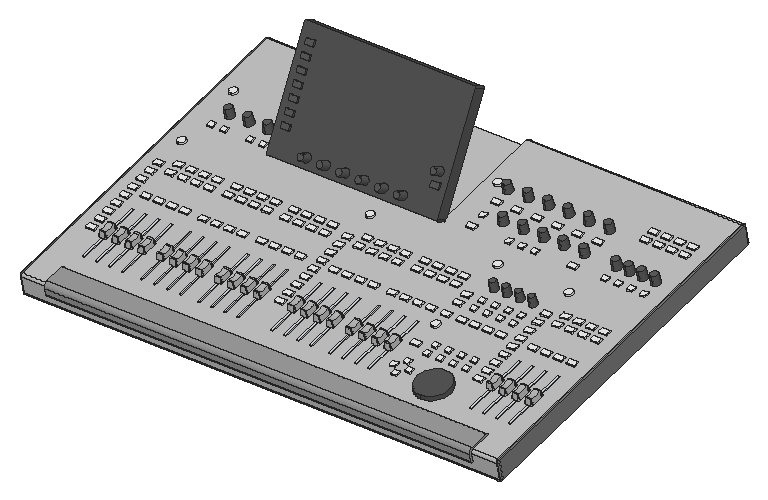
Revit family "Wing", category Communication Devices, Revit 2020 (continued)
Automatic sketch dimensions
  curve 492 to curve 492 = 8.081 mm
  curve 278 to curve 276 = 8.081 mm
  curve 541 to curve 544 = 8.107 mm
  curve 421 to curve 424 = 8.107 mm
  curve 543 to plane 3 "Center (Left/Right)" = 1.976 mm
  curve 542 to curve 543 = 8.081 mm
  curve 397 to curve 400 = 8.107 mm
  curve 327 to curve 346 = 0 mm
  curve 422 to curve 423 = 8.081 mm
  curve 277 to curve 280 = 8.107 mm
  curve 348 to curve 348 = 8.081 mm
  curve 661 to curve 664 = 8.107 mm
  curve 637 to curve 634 = 8.107 mm
  curve 253 to curve 256 = 8.107 mm
  curve 613 to curve 616 = 8.107 mm
  curve 567 to curve 586 = 0 mm
  curve 254 to curve 255 = 8.081 mm
  curve 638 to curve 639 = 8.081 mm
  curve 398 to curve 399 = 8.081 mm
  curve 686 to curve 684 = 8.081 mm
  curve 614 to curve 615 = 8.081 mm
  curve 588 to curve 588 = 8.081 mm
  curve 685 to curve 682 = 8.107 mm
  curve 517 to curve 520 = 8.107 mm
  curve 518 to curve 519 = 8.081 mm
  curve 351 to curve 370 = 0 mm
  curve 372 to curve 400 = 0 mm
  curve 469 to curve 472 = 8.107 mm
  curve 226 to curve 226 = 8.107 mm
  curve 660 to curve 688 = 0 mm
  curve 228 to curve 250 = 0 mm
  curve 301 to curve 304 = 8.107 mm
  curve 302 to curve 303 = 8.081 mm
  curve 470 to curve 471 = 8.081 mm
  curve 1253 to curve 1250 = 8.107 mm
  curve 1237 to curve 1240 = 8.107 mm
  curve 1254 to curve 1255 = 8.081 mm
  curve 1238 to curve 1239 = 8.081 mm
  curve 1221 to curve 1224 = 8.107 mm
  curve 1222 to curve 1223 = 8.081 mm
  curve 1205 to curve 1208 = 8.107 mm
  curve 1206 to curve 1207 = 8.081 mm
  curve 85 to curve 82 = 2.174 mm
  curve 153 to curve 154 = 2.174 mm
  curve 13 to curve 13 = 2.174 mm
  curve 158 to curve 158 = 2.2 mm
  curve 86 to curve 84 = 2.2 mm
  curve 14 to curve 12 = 2.2 mm
  curve 399 to curve 395 = 2.2 mm
  curve 376 to curve 371 = 2.2 mm
  curve 447 to curve 443 = 2.2 mm
  curve 640 to curve 635 = 2.2 mm
  curve 472 to curve 467 = 2.2 mm
  curve 615 to curve 611 = 2.2 mm
  curve 664 to curve 659 = 2.2 mm
  curve 255 to curve 251 = 2.2 mm
  curve 592 to curve 587 = 2.2 mm
  curve 280 to curve 275 = 2.2 mm
  curve 520 to curve 515 = 2.2 mm
  curve 567 to curve 563 = 2.2 mm
  curve 423 to curve 419 = 2.2 mm
  curve 303 to curve 299 = 2.2 mm
  curve 352 to curve 347 = 2.2 mm
  curve 495 to curve 491 = 2.2 mm
  curve 687 to curve 683 = 2.2 mm
  curve 231 to curve 227 = 2.2 mm
  curve 327 to curve 323 = 2.2 mm
  curve 1224 to curve 1219 = 2.2 mm
  curve 1208 to curve 1203 = 2.2 mm
  curve 1255 to curve 1251 = 2.2 mm
  curve 1239 to curve 1235 = 2.2 mm
  curve 592 to curve 577 = 7.09 mm
  curve 255 to curve 241 = 7.09 mm
  curve 687 to curve 673 = 7.09 mm
  curve 351 to curve 337 = 7.09 mm
  curve 447 to curve 433 = 7.09 mm
  curve 529 to plane 3 "Center (Left/Right)" = 1.976 mm
  curve 543 to curve 529 = 7.09 mm
  curve 520 to curve 505 = 7.09 mm
  curve 639 to curve 625 = 7.09 mm
  curve 280 to curve 265 = 7.09 mm
  curve 664 to curve 649 = 7.09 mm
  curve 304 to curve 289 = 7.09 mm
  curve 616 to curve 601 = 7.09 mm
  curve 327 to curve 313 = 7.09 mm
  curve 376 to curve 361 = 7.09 mm
  curve 472 to curve 457 = 7.09 mm
  curve 567 to curve 553 = 7.09 mm
  curve 399 to curve 385 = 7.09 mm
  curve 231 to curve 217 = 7.09 mm
  curve 423 to curve 409 = 7.09 mm
  curve 495 to curve 481 = 7.09 mm
  curve 1207 to curve 1193 = 7.09 mm
  curve 1240 to curve 1225 = 7.09 mm
  curve 1255 to curve 1241 = 7.09 mm
  curve 1219 to curve 1209 = 7.09 mm
  curve 13 to curve 16 = 8.107 mm
  curve 86 to curve 87 = 8.081 mm
  curve 85 to curve 88 = 8.107 mm
  curve 14 to curve 15 = 8.081 mm
  curve 154 to curve 154 = 8.107 mm
  curve 158 to curve 159 = 8.081 mm
  curve 481 to curve 485 = 2.174 mm
  curve 385 to curve 389 = 2.174 mm
  curve 457 to curve 461 = 2.174 mm
  curve 605 to curve 605 = 2.174 mm
  curve 409 to curve 410 = 2.174 mm
  curve 313 to curve 314 = 2.174 mm
  curve 269 to curve 266 = 2.174 mm
  curve 221 to curve 218 = 2.174 mm
  curve 293 to curve 293 = 2.174 mm
  curve 625 to curve 626 = 2.174 mm
  curve 553 to curve 554 = 2.174 mm
  curve 577 to curve 581 = 2.174 mm
  curve 337 to curve 338 = 2.174 mm
  curve 245 to curve 245 = 2.174 mm
  curve 361 to curve 365 = 2.174 mm
  curve 673 to curve 677 = 2.174 mm
  curve 433 to curve 437 = 2.174 mm
  curve 649 to curve 653 = 2.174 mm
  curve 529 to curve 530 = 2.174 mm
  curve 505 to curve 506 = 2.174 mm
  curve 673 to curve 678 = 2.2 mm
  curve 505 to curve 510 = 2.2 mm
  curve 649 to curve 652 = 2.2 mm
  curve 342 to curve 342 = 2.2 mm
  curve 433 to curve 436 = 2.2 mm
  curve 246 to curve 244 = 2.2 mm
  curve 366 to curve 364 = 2.2 mm
  curve 553 to curve 558 = 2.2 mm
  curve 222 to curve 222 = 2.2 mm
  curve 625 to curve 630 = 2.2 mm
  curve 577 to curve 580 = 2.2 mm
  curve 409 to curve 414 = 2.2 mm
  curve 313 to curve 318 = 2.2 mm
  curve 270 to curve 268 = 2.2 mm
  curve 457 to curve 460 = 2.2 mm
  curve 385 to curve 388 = 2.2 mm
  curve 481 to curve 486 = 2.2 mm
  curve 601 to curve 606 = 2.2 mm
  curve 289 to curve 294 = 2.2 mm
  curve 529 to curve 534 = 2.2 mm
  curve 1241 to curve 1245 = 2.174 mm
  curve 1209 to curve 1213 = 2.174 mm
  curve 1193 to curve 1197 = 2.174 mm
  curve 1225 to curve 1226 = 2.174 mm
  curve 1225 to curve 1230 = 2.2 mm
  curve 1241 to curve 1246 = 2.2 mm
  curve 1209 to curve 1212 = 2.2 mm
  curve 1193 to curve 1198 = 2.2 mm
  curve 16 to curve 11 = 2.2 mm
  curve 159 to curve 155 = 2.2 mm
  curve 88 to curve 83 = 2.2 mm
  curve 154 to curve 1009 = 8.949 mm
  curve 678 to curve 985 = 7.683 mm
  curve 1001 to curve 1009 = 0 mm
  curve 985 to curve 993 = 0 mm
  curve 88 to curve 137 = 7.09 mm
  curve 15 to curve 65 = 7.09 mm
  curve 678 to curve 801 = 8.024 mm
  curve 159 to curve 209 = 7.09 mm
  curve 557 to curve 560 = 8.107 mm
  curve 677 to curve 680 = 8.107 mm
  curve 558 to curve 559 = 8.081 mm
  curve 221 to curve 224 = 8.107 mm
  curve 678 to curve 679 = 8.081 mm
  curve 341 to curve 344 = 8.107 mm
  curve 222 to curve 223 = 8.081 mm
  curve 342 to curve 343 = 8.081 mm
  curve 509 to curve 512 = 8.107 mm
  curve 650 to curve 650 = 8.107 mm
  curve 652 to curve 680 = 0 mm
  curve 434 to curve 434 = 8.107 mm
  curve 343 to curve 362 = 0 mm
  curve 436 to curve 436 = 8.081 mm
  curve 366 to curve 364 = 8.081 mm
  curve 510 to curve 511 = 8.081 mm
  curve 223 to curve 242 = 0 mm
  curve 629 to curve 632 = 8.107 mm
  curve 246 to curve 244 = 8.081 mm
  curve 559 to curve 578 = 0 mm
  curve 630 to curve 631 = 8.081 mm
  curve 580 to curve 580 = 8.081 mm
  curve 247 to curve 266 = 0 mm
  curve 270 to curve 268 = 8.081 mm
  curve 317 to curve 320 = 8.107 mm
  curve 485 to curve 488 = 8.107 mm
  curve 413 to curve 416 = 8.107 mm
  curve 318 to curve 319 = 8.081 mm
  curve 414 to curve 415 = 8.081 mm
  curve 486 to curve 487 = 8.081 mm
  curve 533 to curve 536 = 8.107 mm
  curve 535 to plane 3 "Center (Left/Right)" = 1.976 mm
  curve 534 to curve 535 = 8.081 mm
  curve 439 to curve 458 = 0 mm
  curve 460 to curve 488 = 0 mm
  curve 367 to curve 386 = 0 mm
  curve 388 to curve 388 = 8.081 mm
  curve 271 to curve 290 = 0 mm
  curve 602 to curve 602 = 8.107 mm
  curve 292 to curve 292 = 8.081 mm
  curve 604 to curve 632 = 0 mm
  curve 1229 to curve 1232 = 8.107 mm
  curve 1213 to curve 1210 = 8.107 mm
  curve 1197 to curve 1194 = 8.107 mm
  curve 1212 to curve 1232 = 0 mm
  curve 1228 to curve 1228 = 8.081 mm
  curve 1228 to curve 1242 = 0 mm
  curve 1246 to curve 1247 = 8.081 mm
  curve 1198 to curve 1199 = 8.081 mm
  curve 1001 to curve 1005 = 2.174 mm
  curve 1009 to curve 1013 = 2.174 mm
  curve 997 to curve 997 = 2.174 mm
  curve 989 to curve 989 = 2.174 mm
  curve 1009 to curve 1014 = 2.2 mm
  curve 1001 to curve 1006 = 2.2 mm
  curve 998 to curve 998 = 2.2 mm
  curve 985 to curve 988 = 2.2 mm
  curve 137 to curve 138 = 2.174 mm
  curve 805 to curve 805 = 2.174 mm
  curve 209 to curve 210 = 2.174 mm
  curve 65 to curve 69 = 2.174 mm
  curve 801 to curve 806 = 2.2 mm
  curve 209 to curve 212 = 2.2 mm
  curve 65 to curve 70 = 2.2 mm
  curve 137 to curve 142 = 2.2 mm
  curve 583 to curve 579 = 2.2 mm
  curve 319 to curve 315 = 2.2 mm
  curve 487 to curve 483 = 2.2 mm
  curve 463 to curve 459 = 2.2 mm
  curve 295 to curve 291 = 2.2 mm
  curve 344 to curve 339 = 2.2 mm
  curve 271 to curve 267 = 2.2 mm
  curve 560 to curve 555 = 2.2 mm
  curve 439 to curve 435 = 2.2 mm
  curve 224 to curve 219 = 2.2 mm
  curve 655 to curve 651 = 2.2 mm
  curve 607 to curve 603 = 2.2 mm
  curve 367 to curve 363 = 2.2 mm
  curve 632 to curve 627 = 2.2 mm
  curve 416 to curve 411 = 2.2 mm
  curve 248 to curve 243 = 2.2 mm
  curve 512 to curve 507 = 2.2 mm
  curve 391 to curve 387 = 2.2 mm
  curve 680 to curve 675 = 2.2 mm
  curve 1232 to curve 1227 = 2.2 mm
  curve 1248 to curve 1243 = 2.2 mm
  curve 1199 to curve 1195 = 2.2 mm
  curve 1216 to curve 1211 = 2.2 mm
  curve 989 to curve 992 = 8.107 mm
  curve 1014 to curve 1012 = 8.081 mm
  curve 997 to curve 1000 = 8.107 mm
  curve 992 to curve 991 = 0 mm
  curve 1000 to curve 999 = 0 mm
  curve 1006 to curve 1007 = 8.081 mm
  curve 1005 to curve 1002 = 8.107 mm
  curve 1016 to curve 1015 = 0 mm
  curve 70 to curve 68 = 8.081 mm
  curve 138 to curve 138 = 8.107 mm
  curve 66 to curve 66 = 8.107 mm
  curve 213 to curve 210 = 8.107 mm
  curve 142 to curve 140 = 8.081 mm
  curve 806 to curve 804 = 8.081 mm
  curve 214 to curve 215 = 8.081 mm
  curve 805 to curve 808 = 8.107 mm
  curve 1007 to curve 1003 = 2.2 mm
  curve 992 to curve 987 = 2.2 mm
  curve 1016 to curve 1011 = 2.2 mm
  curve 999 to curve 995 = 2.2 mm
  curve 215 to curve 211 = 2.2 mm
  curve 71 to curve 67 = 2.2 mm
  curve 143 to curve 139 = 2.2 mm
  curve 807 to curve 803 = 2.2 mm
  curve 1007 to curve 1033 = 7.09 mm
  curve 992 to curve 1017 = 7.09 mm
  curve 1015 to curve 1041 = 7.09 mm
  curve 1000 to curve 1025 = 7.09 mm
  curve 807 to curve 793 = 7.09 mm
  curve 72 to curve 57 = 7.09 mm
  curve 143 to curve 129 = 7.09 mm
  curve 215 to curve 201 = 7.09 mm
  curve 1041 to curve 1045 = 2.174 mm
  curve 1017 to curve 1018 = 2.174 mm
  curve 1025 to curve 1026 = 2.174 mm
  curve 1037 to curve 1037 = 2.174 mm
  curve 1017 to curve 1022 = 2.2 mm
  curve 1025 to curve 1028 = 2.2 mm
  curve 1038 to curve 1036 = 2.2 mm
  curve 1041 to curve 1044 = 2.2 mm
  curve 61 to curve 58 = 2.174 mm
  curve 793 to curve 794 = 2.174 mm
  curve 129 to curve 133 = 2.174 mm
  curve 201 to curve 202 = 2.174 mm
  curve 793 to curve 798 = 2.2 mm
  curve 206 to curve 204 = 2.2 mm
  curve 134 to curve 132 = 2.2 mm
  curve 62 to curve 62 = 2.2 mm
  curve 1042 to curve 1042 = 8.107 mm
  curve 1022 to curve 1020 = 8.081 mm
  curve 1030 to curve 1031 = 8.081 mm
  curve 1037 to curve 1040 = 8.107 mm
  curve 1032 to curve 1031 = 0 mm
  curve 1038 to curve 1036 = 8.081 mm
  curve 1021 to curve 1018 = 8.107 mm
  curve 1048 to curve 1047 = 0 mm
  curve 798 to curve 799 = 8.081 mm
  curve 134 to curve 135 = 8.081 mm
  curve 61 to curve 64 = 8.107 mm
  curve 205 to curve 208 = 8.107 mm
  curve 794 to curve 794 = 8.107 mm
  curve 62 to curve 60 = 8.081 mm
  curve 206 to curve 204 = 8.081 mm
  curve 130 to curve 130 = 8.107 mm
  curve 1047 to curve 1043 = 2.2 mm
  curve 1031 to curve 1027 = 2.2 mm
  curve 1024 to curve 1019 = 2.2 mm
  curve 1040 to curve 1035 = 2.2 mm
  curve 135 to curve 131 = 2.2 mm
  curve 64 to curve 59 = 2.2 mm
  curve 799 to curve 795 = 2.2 mm
  curve 207 to curve 203 = 2.2 mm
  curve 63 to curve 49 = 7.09 mm
  curve 203 to curve 193 = 7.09 mm
  curve 135 to curve 121 = 7.09 mm
  curve 193 to curve 194 = 2.174 mm
  curve 125 to curve 122 = 2.174 mm
  curve 49 to curve 50 = 2.174 mm
  curve 49 to curve 54 = 2.2 mm
  curve 193 to curve 196 = 2.2 mm
  curve 126 to curve 126 = 2.2 mm
  curve 367 to curve 377 = 44.514 mm
  curve 125 to curve 497 = 5.455 mm
  curve 1248 to curve 785 = 44.145 mm
  curve 54 to curve 257 = 5.429 mm
  curve 377 to curve 401 = 0 mm
  curve 632 to curve 641 = 44.514 mm
  curve 233 to curve 257 = 0 mm
  curve 329 to curve 377 = 0 mm
  curve 800 to curve 689 = 14.719 mm
  curve 126 to curve 521 = 5.429 mm
  curve 473 to curve 497 = 0 mm
  curve 198 to curve 713 = 5.429 mm
  curve 761 to curve 785 = 0 mm
  curve 737 to curve 761 = 0 mm
  curve 257 to curve 281 = 0 mm
  curve 425 to curve 473 = 0 mm
  curve 425 to curve 449 = 0 mm
  curve 646 to curve 665 = 0 mm
  curve 1024 to curve 809 = 15.06 mm
  curve 617 to curve 641 = 0 mm
  curve 526 to curve 545 = 0 mm
  curve 550 to curve 569 = 0 mm
  curve 353 to curve 377 = 0 mm
  curve 809 to curve 817 = 0 mm
  curve 305 to curve 329 = 0 mm
  curve 574 to curve 593 = 0 mm
  curve 799 to curve 841 = 14.719 mm
  curve 817 to curve 825 = 0 mm
  curve 1047 to curve 833 = 15.06 mm
  curve 285 to curve 285 = 2.174 mm
  curve 765 to curve 765 = 2.174 mm
  curve 309 to curve 306 = 2.174 mm
  curve 829 to curve 829 = 2.174 mm
  curve 669 to curve 669 = 2.174 mm
  curve 837 to curve 834 = 2.174 mm
  curve 477 to curve 477 = 2.174 mm
  curve 645 to curve 645 = 2.174 mm
  curve 261 to curve 261 = 2.174 mm
  curve 333 to curve 330 = 2.174 mm
  curve 693 to curve 690 = 2.174 mm
  curve 501 to curve 498 = 2.174 mm
  curve 845 to curve 842 = 2.174 mm
  curve 821 to curve 821 = 2.174 mm
  curve 233 to curve 237 = 2.174 mm
  curve 453 to curve 453 = 2.174 mm
  curve 621 to curve 621 = 2.174 mm
  curve 357 to curve 354 = 2.174 mm
  curve 813 to curve 813 = 2.174 mm
  curve 597 to curve 597 = 2.174 mm
  curve 521 to curve 522 = 2.174 mm
  curve 429 to curve 426 = 2.174 mm
  curve 713 to curve 714 = 2.174 mm
  curve 741 to curve 741 = 2.174 mm
  curve 381 to curve 378 = 2.174 mm
  curve 573 to curve 573 = 2.174 mm
  curve 789 to curve 786 = 2.174 mm
  curve 545 to curve 546 = 2.174 mm
  curve 405 to curve 405 = 2.174 mm
  curve 550 to curve 550 = 2.2 mm
  curve 790 to curve 790 = 2.2 mm
  curve 406 to curve 404 = 2.2 mm
  curve 521 to curve 526 = 2.2 mm
  curve 382 to curve 382 = 2.2 mm
  curve 574 to curve 572 = 2.2 mm
  curve 742 to curve 740 = 2.2 mm
  curve 430 to curve 430 = 2.2 mm
  curve 718 to curve 718 = 2.2 mm
  curve 598 to curve 596 = 2.2 mm
  curve 358 to curve 358 = 2.2 mm
  curve 502 to curve 502 = 2.2 mm
  curve 814 to curve 812 = 2.2 mm
  curve 454 to curve 452 = 2.2 mm
  curve 622 to curve 620 = 2.2 mm
  curve 233 to curve 236 = 2.2 mm
  curve 694 to curve 694 = 2.2 mm
  curve 846 to curve 846 = 2.2 mm
  curve 822 to curve 820 = 2.2 mm
  curve 334 to curve 334 = 2.2 mm
  curve 262 to curve 260 = 2.2 mm
  curve 646 to curve 644 = 2.2 mm
  curve 478 to curve 476 = 2.2 mm
  curve 838 to curve 838 = 2.2 mm
  curve 310 to curve 310 = 2.2 mm
  curve 766 to curve 764 = 2.2 mm
  curve 830 to curve 828 = 2.2 mm
  curve 670 to curve 668 = 2.2 mm
  curve 286 to curve 284 = 2.2 mm
  curve 53 to curve 56 = 8.107 mm
  curve 197 to curve 200 = 8.107 mm
  curve 54 to curve 55 = 8.081 mm
  curve 198 to curve 199 = 8.081 mm
  curve 125 to curve 128 = 8.107 mm
  curve 126 to curve 127 = 8.081 mm
  curve 127 to curve 123 = 2.2 mm
  curve 199 to curve 195 = 2.2 mm
  curve 55 to curve 51 = 2.2 mm
  curve 789 to curve 792 = 3.107 mm
  curve 790 to curve 791 = 3.081 mm
  curve 792 to curve 787 = 2.2 mm
  curve 454 to curve 455 = 8.081 mm
  curve 502 to curve 500 = 8.081 mm
  curve 334 to curve 335 = 8.081 mm
  curve 333 to curve 336 = 8.107 mm
  curve 238 to curve 236 = 8.081 mm
  curve 477 to curve 480 = 8.107 mm
  curve 332 to curve 354 = 0 mm
  curve 358 to curve 356 = 8.081 mm
  curve 234 to curve 234 = 8.107 mm
  curve 450 to curve 450 = 8.107 mm
  curve 501 to curve 504 = 8.107 mm
  curve 522 to curve 522 = 8.107 mm
  curve 526 to curve 524 = 8.081 mm
  curve 429 to curve 432 = 8.107 mm
  curve 741 to curve 744 = 8.107 mm
  curve 742 to curve 743 = 8.081 mm
  curve 430 to curve 431 = 8.081 mm
  curve 356 to curve 378 = 0 mm
  curve 382 to curve 380 = 8.081 mm
  curve 524 to curve 546 = 0 mm
  curve 262 to curve 260 = 8.081 mm
  curve 478 to curve 479 = 8.081 mm
  plane 3 "Center (Left/Right)" to curve 548 = 0.224 mm
  curve 550 to curve 548 = 8.081 mm
  curve 383 to curve 402 = 0 mm
  curve 309 to curve 312 = 8.107 mm
  curve 286 to curve 287 = 8.081 mm
  curve 310 to curve 311 = 8.081 mm
  curve 551 to curve 570 = 0 mm
  curve 406 to curve 404 = 8.081 mm
  curve 572 to curve 572 = 8.081 mm
  curve 261 to curve 264 = 8.107 mm
  curve 717 to curve 720 = 8.107 mm
  curve 718 to curve 719 = 8.081 mm
  curve 743 to curve 762 = 0 mm
  curve 263 to curve 282 = 0 mm
  curve 575 to curve 594 = 0 mm
  curve 813 to curve 810 = 8.107 mm
  curve 598 to curve 596 = 8.081 mm
  curve 814 to curve 812 = 8.081 mm
  curve 621 to curve 618 = 8.107 mm
  curve 622 to curve 620 = 8.081 mm
  curve 845 to curve 848 = 8.107 mm
  curve 815 to curve 818 = 0 mm
  curve 693 to curve 696 = 8.107 mm
  curve 694 to curve 695 = 8.081 mm
  curve 846 to curve 847 = 8.081 mm
  curve 822 to curve 820 = 8.081 mm
  curve 837 to curve 840 = 8.107 mm
  curve 623 to curve 642 = 0 mm
  curve 838 to curve 839 = 8.081 mm
  curve 646 to curve 644 = 8.081 mm
  curve 786 to curve 764 = 5 mm
  curve 647 to curve 666 = 0 mm
  curve 828 to curve 840 = 0 mm
  curve 668 to curve 696 = 0 mm
  curve 829 to curve 832 = 8.107 mm
  curve 199 to curve 185 = 7.09 mm
  curve 123 to curve 113 = 7.09 mm
  curve 56 to curve 41 = 7.09 mm
  curve 479 to curve 475 = 2.2 mm
  curve 456 to curve 451 = 2.2 mm
  curve 768 to curve 763 = 2.2 mm
  curve 432 to curve 427 = 2.2 mm
  curve 815 to curve 811 = 2.2 mm
  curve 671 to curve 667 = 2.2 mm
  curve 648 to curve 643 = 2.2 mm
  curve 695 to curve 691 = 2.2 mm
  curve 624 to curve 619 = 2.2 mm
  curve 600 to curve 595 = 2.2 mm
  curve 719 to curve 715 = 2.2 mm
  curve 503 to curve 499 = 2.2 mm
  curve 823 to curve 819 = 2.2 mm
  curve 576 to curve 571 = 2.2 mm
  curve 831 to curve 827 = 2.2 mm
  curve 848 to curve 843 = 2.2 mm
  curve 839 to curve 835 = 2.2 mm
  curve 239 to curve 235 = 2.2 mm
  curve 263 to curve 259 = 2.2 mm
  curve 287 to curve 283 = 2.2 mm
  curve 311 to curve 307 = 2.2 mm
  curve 335 to curve 331 = 2.2 mm
  curve 359 to curve 355 = 2.2 mm
  curve 383 to curve 379 = 2.2 mm
  curve 407 to curve 403 = 2.2 mm
  curve 552 to curve 547 = 2.2 mm
  curve 743 to curve 739 = 2.2 mm
  curve 528 to curve 523 = 2.2 mm
  curve 41 to curve 45 = 2.174 mm
  curve 113 to curve 117 = 2.174 mm
  curve 185 to curve 189 = 2.174 mm
  curve 190 to curve 188 = 2.2 mm
  curve 41 to curve 46 = 2.2 mm
  curve 113 to curve 116 = 2.2 mm
  curve 42 to curve 42 = 8.107 mm
  curve 190 to curve 191 = 8.081 mm
  curve 118 to curve 116 = 8.081 mm
  curve 114 to curve 114 = 8.107 mm
  curve 186 to curve 186 = 8.107 mm
  curve 46 to curve 44 = 8.081 mm
  curve 48 to curve 43 = 2.2 mm
  curve 120 to curve 115 = 2.2 mm
  curve 191 to curve 187 = 2.2 mm
  curve 848 to curve 1182 = 19.027 mm
  curve 48 to curve 33 = 7.09 mm
  curve 187 to curve 177 = 7.09 mm
  curve 119 to curve 105 = 7.09 mm
  curve 177 to curve 181 = 2.174 mm
  curve 37 to curve 34 = 2.174 mm
  curve 105 to curve 109 = 2.174 mm
  curve 105 to curve 110 = 2.2 mm
  curve 177 to curve 180 = 2.2 mm
  curve 38 to curve 38 = 2.2 mm
  curve 38 to curve 39 = 8.081 mm
  curve 182 to curve 183 = 8.081 mm
  curve 106 to curve 106 = 8.107 mm
  curve 37 to curve 40 = 8.107 mm
  curve 110 to curve 108 = 8.081 mm
  curve 181 to curve 184 = 8.107 mm
  curve 112 to curve 107 = 2.2 mm
  curve 40 to curve 35 = 2.2 mm
  curve 183 to curve 179 = 2.2 mm
  curve 111 to curve 97 = 7.09 mm
  curve 183 to curve 169 = 7.09 mm
  curve 39 to curve 25 = 7.09 mm
  curve 173 to curve 173 = 2.174 mm
  curve 97 to curve 98 = 2.174 mm
  curve 25 to curve 29 = 2.174 mm
  curve 97 to curve 102 = 2.2 mm
  curve 25 to curve 28 = 2.2 mm
  curve 169 to curve 174 = 2.2 mm
  curve 29 to curve 32 = 8.107 mm
  curve 101 to curve 104 = 8.107 mm
  curve 102 to curve 103 = 8.081 mm
  curve 30 to curve 28 = 8.081 mm
  curve 173 to curve 176 = 8.107 mm
  curve 174 to curve 172 = 8.081 mm
  curve 176 to curve 1065 = 0.47 mm
  curve 1065 to curve 1073 = 0 mm
  curve 1182 to curve 1049 = 30.326 mm
  curve 1057 to curve 1065 = 0 mm
  curve 104 to curve 99 = 2.2 mm
  curve 175 to curve 171 = 2.2 mm
  curve 31 to curve 27 = 2.2 mm
  curve 1049 to curve 1050 = 2.174 mm
  curve 1069 to curve 1066 = 2.174 mm
  curve 1061 to curve 1061 = 2.174 mm
  curve 1077 to curve 1074 = 2.174 mm
  curve 1049 to curve 1052 = 2.2 mm
  curve 1070 to curve 1070 = 2.2 mm
  curve 1062 to curve 1060 = 2.2 mm
  curve 1078 to curve 1078 = 2.2 mm
  curve 176 to curve 161 = 7.09 mm
  curve 104 to curve 89 = 7.09 mm
  curve 27 to curve 17 = 7.09 mm
  curve 1050 to curve 849 = 7.659 mm
  curve 1054 to curve 1055 = 8.081 mm
  curve 1058 to curve 1058 = 8.107 mm
  curve 1060 to curve 1060 = 8.081 mm
  curve 1070 to curve 1071 = 8.081 mm
  curve 1072 to curve 1071 = 0 mm
  curve 1077 to curve 1074 = 8.107 mm
  curve 1050 to curve 1050 = 8.107 mm
  curve 1076 to curve 1076 = 8.081 mm
  curve 89 to curve 90 = 2.174 mm
  curve 17 to curve 21 = 2.174 mm
  curve 165 to curve 162 = 2.174 mm
  curve 22 to curve 20 = 2.2 mm
  curve 166 to curve 166 = 2.2 mm
  curve 89 to curve 92 = 2.2 mm
  curve 849 to curve 853 = 2.174 mm
  curve 849 to curve 852 = 2.2 mm
  curve 1063 to curve 1059 = 2.2 mm
  curve 1055 to curve 1051 = 2.2 mm
  curve 1079 to curve 1075 = 2.2 mm
  curve 1072 to curve 1067 = 2.2 mm
  curve 21 to curve 18 = 8.107 mm
  curve 166 to curve 164 = 8.081 mm
  curve 162 to curve 162 = 8.107 mm
  curve 94 to curve 95 = 8.081 mm
  curve 20 to curve 20 = 8.081 mm
  curve 93 to curve 90 = 8.107 mm
  curve 1080 to curve 1105 = 7.09 mm
  curve 1055 to curve 1081 = 7.09 mm
  curve 1064 to curve 1089 = 7.09 mm
  curve 1072 to curve 1097 = 7.09 mm
  curve 852 to curve 852 = 8.081 mm
  curve 853 to curve 856 = 8.107 mm
  curve 167 to curve 163 = 2.2 mm
  curve 23 to curve 19 = 2.2 mm
  curve 96 to curve 91 = 2.2 mm
  curve 1101 to curve 1101 = 2.174 mm
  curve 1105 to curve 1109 = 2.174 mm
  curve 1089 to curve 1090 = 2.174 mm
  curve 1081 to curve 1082 = 2.174 mm
  curve 1089 to curve 1092 = 2.2 mm
  curve 1086 to curve 1084 = 2.2 mm
  curve 1110 to curve 1108 = 2.2 mm
  curve 1102 to curve 1100 = 2.2 mm
  curve 856 to curve 851 = 2.2 mm
  curve 19 to curve 1 = 7.09 mm
  curve 167 to curve 145 = 7.09 mm
  curve 96 to curve 73 = 7.09 mm
  curve 1085 to curve 1082 = 8.107 mm
  curve 1093 to curve 1090 = 8.107 mm
  curve 1096 to curve 1095 = 0 mm
  curve 1108 to curve 1108 = 8.081 mm
  curve 1101 to curve 1098 = 8.107 mm
  curve 1084 to curve 1084 = 8.081 mm
  curve 1100 to curve 1100 = 8.081 mm
  curve 1106 to curve 1106 = 8.107 mm
  curve 1 to curve 5 = 2.174 mm
  curve 73 to curve 74 = 2.174 mm
  curve 145 to curve 149 = 2.174 mm
  curve 73 to curve 76 = 2.2 mm
  curve 1 to curve 4 = 2.2 mm
  curve 145 to curve 148 = 2.2 mm
  curve 1095 to curve 1091 = 2.2 mm
  curve 1104 to curve 1099 = 2.2 mm
  curve 1087 to curve 1083 = 2.2 mm
  curve 1111 to curve 1107 = 2.2 mm
  curve 4 to curve 4 = 8.081 mm
  curve 149 to curve 152 = 8.107 mm
  curve 150 to curve 151 = 8.081 mm
  curve 2 to curve 2 = 8.107 mm
  curve 76 to curve 76 = 8.081 mm
  curve 77 to curve 80 = 8.107 mm
  curve 151 to curve 147 = 2.2 mm
  curve 79 to curve 75 = 2.2 mm
  curve 7 to curve 3 = 2.2 mm
  curve 1088 to curve 1129 = 14.448 mm
  curve 1133 to curve 1130 = 2.174 mm
  curve 1134 to curve 1134 = 2.2 mm
  curve 1132 to curve 1132 = 8.081 mm
  curve 1133 to curve 1130 = 8.107 mm
  curve 1136 to curve 1131 = 2.2 mm
  curve 1135 to curve 1113 = 4.082 mm
  curve 1136 to curve 1121 = 4.082 mm
  curve 1117 to curve 1114 = 2.174 mm
  curve 1121 to curve 1125 = 2.174 mm
  curve 1118 to curve 1118 = 2.2 mm
  curve 1121 to curve 1124 = 2.2 mm
  curve 1117 to curve 1120 = 8.107 mm
  curve 1120 to curve 1119 = 0 mm
  curve 1122 to curve 1122 = 8.107 mm
  curve 1128 to curve 1127 = 0 mm
  curve 1128 to curve 1123 = 2.2 mm
  curve 1119 to curve 1115 = 2.2 mm
  curve 1127 to curve 1137 = 4.196 mm
  curve 1137 to curve 1141 = 2.174 mm
  curve 1137 to curve 1140 = 2.2 mm
  curve 1103 to curve 1184 = 47.016 mm
  curve 1142 to curve 1143 = 8.081 mm
  curve 1138 to curve 1138 = 8.107 mm
  curve 1144 to curve 1139 = 2.2 mm
  curve 83 to curve 1179 = 6.392 mm
  curve 128 to curve 88 = 0 mm
  curve 80 to plane 3 "Center (Left/Right)" = 66.583 mm
  curve 144 to curve 88 = 0 mm
  curve 121 to curve 131 = 0.026 mm
  curve 77 to curve 96 = 0.026 mm
  curve 89 to curve 99 = 0.026 mm
  curve 120 to curve 123 = 0 mm
  curve 101 to curve 107 = 0.026 mm
  curve 500 to curve 128 = 16.59 mm
  curve 492 to curve 82 = 16.59 mm
  curve 484 to curve 138 = 16.59 mm
  curve 491 to curve 491 = 12.863 mm
  curve 488 to curve 487 = 12.863 mm
  curve 499 to curve 499 = 12.863 mm
  curve 460 to curve 488 = 6.256 mm
  curve 468 to curve 496 = 6.256 mm
  curve 476 to curve 504 = 6.256 mm
  curve 467 to curve 467 = 12.863 mm
  curve 480 to curve 479 = 12.863 mm
  curve 459 to curve 459 = 12.863 mm
  curve 452 to curve 480 = 6.256 mm
  curve 436 to curve 464 = 6.256 mm
  curve 444 to curve 469 = 6.256 mm
  curve 451 to curve 451 = 12.863 mm
  curve 448 to curve 447 = 12.863 mm
  curve 435 to curve 435 = 12.863 mm
  curve 412 to curve 434 = 6.256 mm
  curve 420 to curve 442 = 6.256 mm
  curve 428 to curve 456 = 6.256 mm
  curve 432 to curve 431 = 12.863 mm
  curve 424 to curve 423 = 12.863 mm
  curve 411 to curve 415 = 12.863 mm
  curve 404 to curve 432 = 16.956 mm
  curve 396 to curve 424 = 16.956 mm
  curve 399 to curve 388 = 2.2 mm
  curve 392 to curve 391 = 12.863 mm
  curve 403 to curve 403 = 12.863 mm
  curve 389 to curve 395 = 0.026 mm
  curve 380 to curve 408 = 6.256 mm
  curve 372 to curve 394 = 6.256 mm
  curve 364 to curve 392 = 6.256 mm
  curve 384 to curve 383 = 12.863 mm
  curve 368 to curve 367 = 12.863 mm
  curve 365 to curve 376 = 0.026 mm
  curve 356 to curve 384 = 6.256 mm
  curve 348 to curve 376 = 6.256 mm
  curve 340 to curve 368 = 6.256 mm
  curve 355 to curve 355 = 12.863 mm
  curve 339 to curve 339 = 12.863 mm
  curve 341 to curve 352 = 0.026 mm
  curve 332 to curve 360 = 6.256 mm
  curve 316 to curve 344 = 6.256 mm
  curve 324 to curve 346 = 6.256 mm
  curve 328 to curve 327 = 12.863 mm
  curve 336 to curve 335 = 12.863 mm
  curve 315 to curve 315 = 12.863 mm
  curve 1164 to curve 321 = 10.611 mm
  curve 308 to curve 330 = 16.955 mm
  curve 300 to curve 328 = 16.955 mm
  curve 303 to curve 292 = 2.2 mm
  curve 1163 to curve 1163 = 7.413 mm
  curve 1172 to curve 1162 = 11.433 mm
  curve 312 to curve 311 = 12.863 mm
  curve 304 to curve 303 = 12.863 mm
  curve 296 to curve 295 = 12.863 mm
  curve 268 to curve 290 = 6.256 mm
  curve 276 to curve 298 = 6.256 mm
  curve 284 to curve 309 = 6.256 mm
  curve 1171 to curve 1175 = 7.413 mm
  curve 1188 to curve 1169 = 1.092 mm
  curve 267 to curve 267 = 12.863 mm
  curve 288 to curve 287 = 12.863 mm
  curve 265 to curve 280 = 0.026 mm
  curve 244 to curve 266 = 6.256 mm
  curve 260 to curve 282 = 6.256 mm
  curve 252 to curve 274 = 6.256 mm
  curve 1185 to curve 1185 = 34.847 mm
  curve 1148 to curve 1170 = 35.319 mm
  curve 251 to curve 251 = 12.863 mm
  curve 264 to curve 263 = 12.863 mm
  curve 243 to curve 243 = 12.863 mm
  curve 236 to curve 258 = 6.256 mm
  curve 220 to curve 242 = 6.256 mm
  curve 228 to curve 253 = 6.256 mm
  curve 1147 to curve 1147 = 7.413 mm
  curve 1156 to curve 1146 = 11.433 mm
  curve 224 to curve 223 = 12.863 mm
  curve 240 to curve 239 = 12.863 mm
  curve 217 to curve 232 = 0.026 mm
  curve 1160 to curve 1159 = 7.413 mm
  curve 52 to curve 237 = 11.223 mm
  curve 4 to curve 240 = 13.423 mm
  curve 36 to curve 240 = 13.423 mm
  curve 55 to curve 44 = 2.2 mm
  curve 68 to curve 218 = 11.223 mm
  curve 39 to curve 28 = 2.2 mm
  curve 12 to curve 232 = 11.223 mm
  curve 6 to curve 20 = 2.2 mm
  curve 54 to curve 60 = 2.2 mm
  curve 1178 to curve 229 = 22.068 mm
  curve 1177 to curve 1186 = 45.007 mm
  curve 40 to curve 39 = 12.863 mm
  curve 3 to curve 3 = 12.863 mm
  curve 72 to curve 71 = 12.863 mm
  curve 69 to curve 11 = 0.026 mm
  curve 32 to curve 31 = 12.863 mm
  curve 33 to curve 43 = 0.026 mm
  curve 64 to curve 63 = 12.863 mm
  curve 5 to curve 19 = 0.026 mm
  curve 45 to curve 56 = 0.026 mm
  curve 81 to curve 81 = 12.889 mm
  curve 129 to curve 129 = 12.889 mm
  curve 80 to curve 79 = 12.863 mm
  curve 89 to curve 89 = 12.889 mm
  curve 128 to curve 127 = 12.863 mm
  curve 97 to curve 97 = 12.889 mm
  curve 137 to curve 87 = 0 mm
  curve 105 to curve 105 = 12.889 mm
  curve 113 to curve 127 = 0 mm
  curve 86 to curve 514 = 10.962 mm
  curve 127 to curve 522 = 10.962 mm
  curve 506 to curve 520 = 2.2 mm
  curve 512 to curve 511 = 12.863 mm
  curve 525 to curve 526 = 12.889 mm
  curve 513 to curve 513 = 12.889 mm
  curve 524 to curve 546 = 6.256 mm
  curve 510 to curve 530 = 6.256 mm
  curve 519 to curve 538 = 6.256 mm
  curve 534 to curve 554 = 6.256 mm
  curve 542 to curve 562 = 6.256 mm
  curve 551 to curve 570 = 6.256 mm
  curve 568 to curve 567 = 12.863 mm
  curve 553 to curve 567 = 0 mm
  curve 576 to curve 575 = 12.863 mm
  curve 574 to curve 594 = 6.256 mm
  curve 566 to curve 586 = 6.256 mm
  curve 559 to curve 578 = 6.256 mm
  curve 592 to curve 591 = 12.863 mm
  curve 593 to curve 593 = 12.889 mm
  curve 584 to curve 583 = 12.863 mm
  curve 598 to curve 618 = 17.259 mm
  curve 583 to curve 602 = 17.259 mm
  curve 610 to curve 601 = 2.174 mm
  plane 3 "Center (Left/Right)" to curve 858 = 77.455 mm
  curve 1183 to curve 866 = 15.76 mm
  curve 619 to curve 619 = 12.863 mm
  curve 605 to curve 606 = 12.889 mm
  curve 615 to curve 606 = 0 mm
  curve 857 to curve 946 = 0.534 mm
  curve 623 to curve 642 = 6.256 mm
  curve 614 to curve 634 = 6.256 mm
  curve 607 to curve 626 = 6.256 mm
  curve 947 to curve 947 = 7.413 mm
  curve 872 to curve 871 = 12.863 mm
  curve 864 to curve 863 = 12.863 mm
  curve 632 to curve 631 = 12.863 mm
  curve 648 to curve 647 = 12.863 mm
  curve 633 to curve 633 = 12.889 mm
  curve 631 to curve 650 = 6.256 mm
  curve 647 to curve 666 = 6.256 mm
  curve 638 to curve 658 = 6.256 mm
  curve 871 to curve 890 = 19.577 mm
  curve 659 to curve 659 = 12.863 mm
  curve 656 to curve 655 = 12.863 mm
  curve 672 to curve 671 = 12.863 mm
  curve 891 to curve 891 = 12.863 mm
  curve 654 to curve 674 = 6.256 mm
  curve 671 to curve 690 = 6.256 mm
  curve 663 to curve 682 = 6.256 mm
  curve 863 to curve 938 = 54.304 mm
  curve 673 to curve 673 = 12.889 mm
  curve 687 to curve 678 = 0 mm
  curve 689 to curve 689 = 12.889 mm
  curve 894 to curve 898 = 19.577 mm
  curve 939 to curve 939 = 7.413 mm
  curve 695 to curve 850 = 12.756 mm
  curve 694 to curve 842 = 10.556 mm
  curve 679 to curve 794 = 12.833 mm
  curve 802 to curve 797 = 2.174 mm
  curve 856 to curve 1122 = 0.568 mm
  curve 901 to curve 902 = 12.889 mm
  curve 848 to curve 1182 = 6.392 mm
  curve 681 to curve 1180 = 21.425 mm
  curve 943 to curve 930 = 11.433 mm
  curve 1125 to curve 1126 = 7.439 mm
  curve 853 to curve 854 = 12.889 mm
  curve 843 to curve 843 = 12.863 mm
  curve 805 to curve 806 = 12.889 mm
  curve 795 to curve 795 = 12.863 mm
  curve 1126 to curve 1130 = 4.296 mm
  curve 1127 to curve 1138 = 4.296 mm
  curve 931 to curve 931 = 7.413 mm
  curve 903 to curve 914 = 19.577 mm
  curve 1136 to curve 1135 = 7.413 mm
  curve 1137 to curve 1137 = 7.439 mm
  curve 847 to curve 810 = 11.129 mm
  curve 1135 to curve 1114 = 4.635 mm
  curve 798 to curve 1018 = 13.832 mm
  curve 855 to curve 1082 = 13.909 mm
  curve 1050 to curve 1081 = 2.174 mm
  curve 986 to curve 1021 = 2.174 mm
  curve 935 to curve 906 = 11.84 mm
  curve 915 to curve 915 = 12.863 mm
  curve 1117 to curve 1118 = 7.439 mm
  curve 1049 to curve 1049 = 7.439 mm
  curve 1083 to curve 1083 = 7.413 mm
  curve 1024 to curve 1023 = 7.413 mm
  curve 987 to curve 1022 = 0 mm
  curve 909 to curve 910 = 7.439 mm
  curve 816 to curve 815 = 12.863 mm
  curve 814 to curve 818 = 6.256 mm
  curve 1086 to curve 1090 = 11.706 mm
  curve 1023 to curve 1026 = 11.706 mm
  curve 994 to curve 1029 = 2.174 mm
  curve 1058 to curve 1089 = 2.174 mm
  curve 919 to curve 922 = 19.577 mm
  curve 997 to curve 998 = 7.439 mm
  curve 1057 to curve 1057 = 7.439 mm
  curve 1093 to curve 1094 = 7.439 mm
  curve 1027 to curve 1027 = 7.413 mm
  curve 817 to curve 817 = 12.889 mm
  curve 823 to curve 826 = 6.256 mm
  curve 925 to curve 926 = 12.889 mm
  curve 1063 to curve 1066 = 11.706 mm
  curve 1098 to curve 1072 = 2.2 mm
  curve 1031 to curve 1034 = 11.706 mm
  curve 998 to curve 1002 = 11.706 mm
  curve 1065 to curve 1065 = 7.439 mm
  curve 1035 to curve 1035 = 7.413 mm
  curve 1008 to curve 1007 = 7.413 mm
  curve 1104 to curve 1103 = 7.413 mm
  curve 1103 to curve 1184 = 2.2 mm
  curve 825 to curve 825 = 12.889 mm
  curve 924 to curve 882 = 19.577 mm
  curve 874 to curve 888 = 2.2 mm
  curve 830 to curve 834 = 6.256 mm
  curve 1070 to curve 1074 = 11.706 mm
  curve 1007 to curve 1010 = 11.706 mm
  curve 1106 to curve 1080 = 2.2 mm
  curve 1042 to curve 1016 = 2.2 mm
  curve 1109 to curve 1110 = 7.439 mm
  curve 1080 to curve 1079 = 7.413 mm
  curve 1045 to curve 1046 = 7.439 mm
  curve 1016 to curve 1015 = 7.413 mm
  curve 875 to curve 875 = 12.863 mm
  curve 888 to curve 887 = 12.863 mm
  curve 840 to curve 839 = 12.863 mm
  curve 1015 to curve 210 = 15.753 mm
  curve 202 to curve 216 = 2.2 mm
  curve 838 to curve 194 = 13.083 mm
  curve 186 to curve 200 = 2.2 mm
  curve 178 to curve 187 = 2.2 mm
  curve 170 to curve 184 = 2.2 mm
  curve 162 to curve 176 = 2.2 mm
  curve 154 to curve 209 = 2.174 mm
  curve 146 to curve 168 = 2.2 mm
  curve 157 to curve 1181 = 6.418 mm
  curve 149 to curve 150 = 12.889 mm
  curve 213 to curve 214 = 12.889 mm
  curve 155 to curve 209 = 0 mm
  curve 163 to curve 150 = 0 mm
  curve 173 to curve 174 = 12.889 mm
  curve 187 to curve 187 = 12.863 mm
  curve 208 to curve 207 = 12.863 mm
  curve 177 to curve 191 = 0 mm
  curve 193 to curve 207 = 0 mm
  curve 698 to curve 736 = 23.519 mm
  curve 214 to curve 1194 = 10.949 mm
  curve 1202 to curve 1197 = 2.174 mm
  curve 706 to curve 701 = 2.174 mm
  curve 190 to curve 714 = 10.949 mm
  curve 879 to curve 954 = 44.145 mm
  curve 953 to curve 953 = 7.439 mm
  curve 1203 to curve 1203 = 12.863 mm
  curve 713 to curve 713 = 12.889 mm
  curve 1200 to curve 1199 = 12.863 mm
  curve 701 to curve 702 = 12.889 mm
  curve 705 to curve 733 = 8.456 mm
  curve 719 to curve 738 = 6.256 mm
  curve 1196 to curve 1210 = 6.256 mm
  curve 1204 to curve 1218 = 6.256 mm
  curve 703 to curve 722 = 6.256 mm
  curve 956 to curve 962 = 11.706 mm
  curve 961 to curve 961 = 7.439 mm
  curve 1209 to curve 1209 = 12.889 mm
  curve 721 to curve 721 = 12.889 mm
  curve 739 to curve 739 = 12.863 mm
  curve 733 to curve 734 = 12.889 mm
  curve 1223 to curve 1214 = 0 mm
  curve 1220 to curve 1234 = 6.256 mm
  curve 740 to curve 762 = 6.256 mm
  curve 735 to curve 754 = 6.256 mm
  curve 1212 to curve 1226 = 6.256 mm
  curve 726 to curve 746 = 6.256 mm
  curve 966 to curve 970 = 11.706 mm
  curve 976 to curve 975 = 7.413 mm
  curve 749 to curve 750 = 12.889 mm
  curve 763 to curve 763 = 12.863 mm
  curve 1235 to curve 1235 = 12.863 mm
  curve 759 to curve 750 = 0 mm
  curve 1232 to curve 1231 = 12.863 mm
  curve 756 to curve 778 = 6.256 mm
  curve 1236 to curve 1250 = 6.256 mm
  curve 1228 to curve 1242 = 6.256 mm
  curve 748 to curve 770 = 6.256 mm
  curve 764 to curve 786 = 6.256 mm
  curve 974 to curve 978 = 11.706 mm
  curve 984 to curve 983 = 7.413 mm
  curve 781 to curve 782 = 12.889 mm
  curve 1253 to curve 1254 = 12.889 mm
  curve 792 to curve 791 = 12.863 mm
  curve 774 to curve 783 = 0 mm
  curve 1241 to curve 1255 = 0 mm
  Extrusion 8 sketch curve to plane 3 "Center (Left/Right)" = 305.241 mm
  Extrusion 8 sketch curve to Extrusion 8 sketch curve = 114.845 mm
  Extrusion 8 sketch curve to Extrusion 8 sketch curve = 3.028 mm
  Extrusion 9 sketch curve to plane 3 "Center (Left/Right)" = 352.279 mm
  Extrusion 9 sketch curve to Extrusion 9 sketch curve = 114.845 mm
  Extrusion 9 sketch curve to Extrusion 9 sketch curve = 3.028 mm
  Extrusion 10 sketch curve to plane 3 "Center (Left/Right)" = 328.76 mm
  Extrusion 10 sketch curve to Extrusion 10 sketch curve = 114.845 mm
  Extrusion 10 sketch curve to Extrusion 10 sketch curve = 3.028 mm
  Extrusion 11 sketch curve to plane 3 "Center (Left/Right)" = 271.023 mm
  Extrusion 11 sketch curve to Extrusion 11 sketch curve = 114.845 mm
  Extrusion 11 sketch curve to Extrusion 11 sketch curve = 3.028 mm
  Extrusion 12 sketch curve to plane 3 "Center (Left/Right)" = 200.467 mm
  Extrusion 12 sketch curve to Extrusion 12 sketch curve = 114.845 mm
  Extrusion 12 sketch curve to Extrusion 12 sketch curve = 3.028 mm
  Extrusion 13 sketch curve to plane 3 "Center (Left/Right)" = 247.504 mm
  Extrusion 13 sketch curve to Extrusion 13 sketch curve = 114.845 mm
  Extrusion 13 sketch curve to Extrusion 13 sketch curve = 3.028 mm
  Extrusion 14 sketch curve to plane 3 "Center (Left/Right)" = 223.986 mm
  Extrusion 14 sketch curve to Extrusion 14 sketch curve = 114.845 mm
  Extrusion 14 sketch curve to Extrusion 14 sketch curve = 3.028 mm
  Extrusion 15 sketch curve to plane 3 "Center (Left/Right)" = 166.248 mm
  Extrusion 15 sketch curve to Extrusion 15 sketch curve = 114.845 mm
  Extrusion 15 sketch curve to Extrusion 15 sketch curve = 3.028 mm
  Extrusion 16 sketch curve to plane 3 "Center (Left/Right)" = 95.691 mm
  Extrusion 16 sketch curve to Extrusion 16 sketch curve = 114.845 mm
  Extrusion 16 sketch curve to Extrusion 16 sketch curve = 3.028 mm
  Extrusion 17 sketch curve to plane 3 "Center (Left/Right)" = 142.729 mm
  Extrusion 17 sketch curve to Extrusion 17 sketch curve = 114.845 mm
  Extrusion 17 sketch curve to Extrusion 17 sketch curve = 3.028 mm
  Extrusion 18 sketch curve to plane 3 "Center (Left/Right)" = 119.21 mm
  Extrusion 18 sketch curve to Extrusion 18 sketch curve = 114.845 mm
  Extrusion 18 sketch curve to Extrusion 18 sketch curve = 3.028 mm
  Extrusion 19 sketch curve to plane 3 "Center (Left/Right)" = 33.613 mm
  Extrusion 19 sketch curve to Extrusion 19 sketch curve = 114.845 mm
  Extrusion 19 sketch curve to Extrusion 19 sketch curve = 3.028 mm
  plane 3 "Center (Left/Right)" to Extrusion 20 sketch curve = 36.943 mm
  Extrusion 20 sketch curve to Extrusion 20 sketch curve = 114.845 mm
  Extrusion 20 sketch curve to Extrusion 20 sketch curve = 3.028 mm
  Extrusion 21 sketch curve to plane 3 "Center (Left/Right)" = 10.095 mm
  Extrusion 21 sketch curve to Extrusion 21 sketch curve = 114.845 mm
  Extrusion 21 sketch curve to Extrusion 21 sketch curve = 3.028 mm
  plane 3 "Center (Left/Right)" to Extrusion 22 sketch curve = 13.424 mm
  Extrusion 22 sketch curve to Extrusion 22 sketch curve = 114.845 mm
  Extrusion 22 sketch curve to Extrusion 22 sketch curve = 3.028 mm
  plane 3 "Center (Left/Right)" to Extrusion 23 sketch curve = 71.465 mm
  Extrusion 23 sketch curve to Extrusion 23 sketch curve = 114.845 mm
  Extrusion 23 sketch curve to Extrusion 23 sketch curve = 3.028 mm
  plane 3 "Center (Left/Right)" to Extrusion 24 sketch curve = 142.021 mm
  Extrusion 24 sketch curve to Extrusion 24 sketch curve = 114.845 mm
  Extrusion 24 sketch curve to Extrusion 24 sketch curve = 3.028 mm
  plane 3 "Center (Left/Right)" to Extrusion 25 sketch curve = 94.984 mm
  Extrusion 25 sketch curve to Extrusion 25 sketch curve = 114.845 mm
  Extrusion 25 sketch curve to Extrusion 25 sketch curve = 3.028 mm
  plane 3 "Center (Left/Right)" to Extrusion 26 sketch curve = 118.502 mm
  Extrusion 26 sketch curve to Extrusion 26 sketch curve = 114.845 mm
  Extrusion 26 sketch curve to Extrusion 26 sketch curve = 3.028 mm
  plane 3 "Center (Left/Right)" to Extrusion 27 sketch curve = 327.347 mm
  Extrusion 27 sketch curve to Extrusion 27 sketch curve = 114.845 mm
  Extrusion 27 sketch curve to Extrusion 27 sketch curve = 3.028 mm
  plane 3 "Center (Left/Right)" to Extrusion 28 sketch curve = 397.903 mm
  Extrusion 28 sketch curve to Extrusion 28 sketch curve = 114.845 mm
  Extrusion 28 sketch curve to Extrusion 28 sketch curve = 3.028 mm
  plane 3 "Center (Left/Right)" to Extrusion 29 sketch curve = 350.865 mm
  Extrusion 29 sketch curve to Extrusion 29 sketch curve = 114.845 mm
  Extrusion 29 sketch curve to Extrusion 29 sketch curve = 3.028 mm
  plane 3 "Center (Left/Right)" to Extrusion 30 sketch curve = 374.384 mm
  Extrusion 30 sketch curve to Extrusion 30 sketch curve = 114.845 mm
  Extrusion 30 sketch curve to Extrusion 30 sketch curve = 3.028 mm
  Extrusion 31 sketch curve to plane 3 "Center (Left/Right)" = 409.214 mm
  Extrusion 31 sketch curve to Extrusion 31 sketch curve = 0.8 mm  (x3)
  Extrusion 31 sketch curve to Extrusion 31 sketch curve = 8.076 mm  (x2)
  Extrusion 31 sketch curve to Extrusion 31 sketch curve = 13.235 mm
  Extrusion 32 sketch curve to plane 3 "Center (Left/Right)" = 409.214 mm
  Extrusion 32 sketch curve to Extrusion 32 sketch curve = 0.8 mm  (x3)
  Extrusion 32 sketch curve to Extrusion 32 sketch curve = 8.076 mm  (x2)
  Extrusion 32 sketch curve to Extrusion 32 sketch curve = 13.235 mm
  Extrusion 33 sketch curve to plane 3 "Center (Left/Right)" = 409.214 mm
  Extrusion 33 sketch curve to Extrusion 33 sketch curve = 0.8 mm  (x3)
  Extrusion 33 sketch curve to Extrusion 33 sketch curve = 8.076 mm  (x2)
  Extrusion 33 sketch curve to Extrusion 33 sketch curve = 13.235 mm
  Extrusion 34 sketch curve to plane 3 "Center (Left/Right)" = 409.214 mm
  Extrusion 34 sketch curve to Extrusion 34 sketch curve = 0.8 mm  (x3)
  Extrusion 34 sketch curve to Extrusion 34 sketch curve = 8.076 mm  (x2)
  Extrusion 34 sketch curve to Extrusion 34 sketch curve = 13.235 mm
  Extrusion 35 sketch curve to plane 3 "Center (Left/Right)" = 409.214 mm
  Extrusion 35 sketch curve to Extrusion 35 sketch curve = 0.8 mm  (x3)
  Extrusion 35 sketch curve to Extrusion 35 sketch curve = 8.076 mm  (x2)
  Extrusion 35 sketch curve to Extrusion 35 sketch curve = 13.235 mm
  Extrusion 36 sketch curve to plane 3 "Center (Left/Right)" = 409.214 mm
  Extrusion 36 sketch curve to Extrusion 36 sketch curve = 0.8 mm  (x3)
  Extrusion 36 sketch curve to Extrusion 36 sketch curve = 8.076 mm  (x2)
  Extrusion 36 sketch curve to Extrusion 36 sketch curve = 13.235 mm
  Extrusion 37 sketch curve to plane 3 "Center (Left/Right)" = 409.214 mm
  Extrusion 37 sketch curve to Extrusion 37 sketch curve = 0.8 mm  (x3)
  Extrusion 37 sketch curve to Extrusion 37 sketch curve = 8.076 mm  (x2)
  Extrusion 37 sketch curve to Extrusion 37 sketch curve = 13.235 mm
  Extrusion 38 sketch curve to plane 3 "Center (Left/Right)" = 409.214 mm
  Extrusion 38 sketch curve to Extrusion 38 sketch curve = 0.8 mm  (x3)
  Extrusion 38 sketch curve to Extrusion 38 sketch curve = 8.076 mm  (x2)
  Extrusion 38 sketch curve to Extrusion 38 sketch curve = 13.235 mm
  Extrusion 39 sketch curve to plane 3 "Center (Left/Right)" = 409.214 mm
  Extrusion 39 sketch curve to Extrusion 39 sketch curve = 0.8 mm  (x3)
  Extrusion 39 sketch curve to Extrusion 39 sketch curve = 8.076 mm  (x2)
  Extrusion 39 sketch curve to Extrusion 39 sketch curve = 13.235 mm
  Extrusion 40 sketch curve to plane 3 "Center (Left/Right)" = 66.769 mm
  Extrusion 40 sketch curve to Extrusion 40 sketch curve = 0.8 mm  (x3)
  Extrusion 40 sketch curve to Extrusion 40 sketch curve = 8.076 mm  (x2)
  Extrusion 40 sketch curve to Extrusion 40 sketch curve = 13.235 mm
  Extrusion 41 sketch curve to plane 3 "Center (Left/Right)" = 66.769 mm
  Extrusion 41 sketch curve to Extrusion 41 sketch curve = 0.8 mm  (x3)
  Extrusion 41 sketch curve to Extrusion 41 sketch curve = 8.076 mm  (x2)
  Extrusion 41 sketch curve to Extrusion 41 sketch curve = 13.235 mm
  Extrusion 42 sketch curve to plane 3 "Center (Left/Right)" = 66.769 mm
  Extrusion 42 sketch curve to Extrusion 42 sketch curve = 0.8 mm  (x3)
  Extrusion 42 sketch curve to Extrusion 42 sketch curve = 8.076 mm  (x2)
  Extrusion 42 sketch curve to Extrusion 42 sketch curve = 13.235 mm
  Extrusion 43 sketch curve to plane 3 "Center (Left/Right)" = 66.769 mm
  Extrusion 43 sketch curve to Extrusion 43 sketch curve = 0.8 mm  (x3)
  Extrusion 43 sketch curve to Extrusion 43 sketch curve = 8.076 mm  (x2)
  Extrusion 43 sketch curve to Extrusion 43 sketch curve = 13.235 mm
  Extrusion 44 sketch curve to plane 3 "Center (Left/Right)" = 66.769 mm
  Extrusion 44 sketch curve to Extrusion 44 sketch curve = 0.8 mm  (x3)
  Extrusion 44 sketch curve to Extrusion 44 sketch curve = 8.076 mm  (x2)
  Extrusion 44 sketch curve to Extrusion 44 sketch curve = 13.235 mm
  Extrusion 45 sketch curve to plane 3 "Center (Left/Right)" = 66.769 mm
  Extrusion 45 sketch curve to Extrusion 45 sketch curve = 0.8 mm  (x3)
  Extrusion 45 sketch curve to Extrusion 45 sketch curve = 8.076 mm  (x2)
  Extrusion 45 sketch curve to Extrusion 45 sketch curve = 13.235 mm
  Extrusion 46 sketch curve to plane 3 "Center (Left/Right)" = 66.769 mm
  Extrusion 46 sketch curve to Extrusion 46 sketch curve = 0.8 mm  (x3)
  Extrusion 46 sketch curve to Extrusion 46 sketch curve = 8.076 mm  (x2)
  Extrusion 46 sketch curve to Extrusion 46 sketch curve = 13.235 mm
  Extrusion 47 sketch curve to plane 3 "Center (Left/Right)" = 66.769 mm
  Extrusion 47 sketch curve to Extrusion 47 sketch curve = 0.8 mm  (x3)
  Extrusion 47 sketch curve to Extrusion 47 sketch curve = 8.076 mm  (x2)
  Extrusion 47 sketch curve to Extrusion 47 sketch curve = 13.235 mm
  Extrusion 48 sketch curve to plane 3 "Center (Left/Right)" = 66.769 mm
  Extrusion 48 sketch curve to Extrusion 48 sketch curve = 0.8 mm  (x3)
  Extrusion 48 sketch curve to Extrusion 48 sketch curve = 8.076 mm  (x2)
  Extrusion 48 sketch curve to Extrusion 48 sketch curve = 13.235 mm
  plane 3 "Center (Left/Right)" to Extrusion 49 sketch curve = 294.204 mm
  Extrusion 49 sketch curve to Extrusion 49 sketch curve = 0.8 mm  (x3)
  Extrusion 49 sketch curve to Extrusion 49 sketch curve = 8.076 mm  (x2)
  Extrusion 49 sketch curve to Extrusion 49 sketch curve = 13.235 mm
  plane 3 "Center (Left/Right)" to Extrusion 50 sketch curve = 294.204 mm
  Extrusion 50 sketch curve to Extrusion 50 sketch curve = 0.8 mm  (x3)
  Extrusion 50 sketch curve to Extrusion 50 sketch curve = 8.076 mm  (x2)
  Extrusion 50 sketch curve to Extrusion 50 sketch curve = 13.235 mm
  plane 3 "Center (Left/Right)" to Extrusion 51 sketch curve = 294.204 mm
  Extrusion 51 sketch curve to Extrusion 51 sketch curve = 0.8 mm  (x3)
  Extrusion 51 sketch curve to Extrusion 51 sketch curve = 8.076 mm  (x2)
  Extrusion 51 sketch curve to Extrusion 51 sketch curve = 13.235 mm
  plane 3 "Center (Left/Right)" to Extrusion 52 sketch curve = 294.204 mm
  Extrusion 52 sketch curve to Extrusion 52 sketch curve = 0.8 mm  (x3)
  Extrusion 52 sketch curve to Extrusion 52 sketch curve = 8.076 mm  (x2)
  Extrusion 52 sketch curve to Extrusion 52 sketch curve = 13.235 mm
  plane 3 "Center (Left/Right)" to Extrusion 53 sketch curve = 294.204 mm
  Extrusion 53 sketch curve to Extrusion 53 sketch curve = 0.8 mm  (x3)
  Extrusion 53 sketch curve to Extrusion 53 sketch curve = 8.076 mm  (x2)
  Extrusion 53 sketch curve to Extrusion 53 sketch curve = 13.235 mm
  plane 3 "Center (Left/Right)" to Extrusion 54 sketch curve = 294.204 mm
  Extrusion 54 sketch curve to Extrusion 54 sketch curve = 0.8 mm  (x3)
  Extrusion 54 sketch curve to Extrusion 54 sketch curve = 8.076 mm  (x2)
  Extrusion 54 sketch curve to Extrusion 54 sketch curve = 13.235 mm
  plane 3 "Center (Left/Right)" to Extrusion 55 sketch curve = 294.204 mm
  Extrusion 55 sketch curve to Extrusion 55 sketch curve = 0.8 mm  (x3)
  Extrusion 55 sketch curve to Extrusion 55 sketch curve = 8.076 mm  (x2)
  Extrusion 55 sketch curve to Extrusion 55 sketch curve = 13.235 mm
  plane 3 "Center (Left/Right)" to Extrusion 56 sketch curve = 294.204 mm
  Extrusion 56 sketch curve to Extrusion 56 sketch curve = 0.8 mm  (x3)
  Extrusion 56 sketch curve to Extrusion 56 sketch curve = 8.076 mm  (x2)
  Extrusion 56 sketch curve to Extrusion 56 sketch curve = 13.235 mm
  plane 3 "Center (Left/Right)" to Extrusion 57 sketch curve = 294.204 mm
  Extrusion 57 sketch curve to Extrusion 57 sketch curve = 0.8 mm  (x3)
  Extrusion 57 sketch curve to Extrusion 57 sketch curve = 8.076 mm  (x2)
  Extrusion 57 sketch curve to Extrusion 57 sketch curve = 13.235 mm
  Extrusion 58 sketch curve to plane 3 "Center (Left/Right)" = 380.728 mm
  Extrusion 58 sketch curve to Extrusion 58 sketch curve = 0.8 mm  (x3)
  Extrusion 58 sketch curve to Extrusion 58 sketch curve = 8.076 mm  (x2)
  Extrusion 58 sketch curve to Extrusion 58 sketch curve = 13.235 mm
  Extrusion 59 sketch curve to plane 3 "Center (Left/Right)" = 380.728 mm
  Extrusion 59 sketch curve to Extrusion 59 sketch curve = 0.8 mm  (x3)
  Extrusion 59 sketch curve to Extrusion 59 sketch curve = 8.076 mm  (x2)
  Extrusion 59 sketch curve to Extrusion 59 sketch curve = 13.235 mm
  Extrusion 60 sketch curve to plane 3 "Center (Left/Right)" = 380.728 mm
  Extrusion 60 sketch curve to Extrusion 60 sketch curve = 0.8 mm  (x3)
  Extrusion 60 sketch curve to Extrusion 60 sketch curve = 8.076 mm  (x2)
  Extrusion 60 sketch curve to Extrusion 60 sketch curve = 13.235 mm
  Extrusion 61 sketch curve to plane 3 "Center (Left/Right)" = 357.209 mm
  Extrusion 61 sketch curve to Extrusion 61 sketch curve = 0.8 mm  (x3)
  Extrusion 61 sketch curve to Extrusion 61 sketch curve = 8.076 mm  (x2)
  Extrusion 61 sketch curve to Extrusion 61 sketch curve = 13.235 mm
  Extrusion 62 sketch curve to plane 3 "Center (Left/Right)" = 357.209 mm
  Extrusion 62 sketch curve to Extrusion 62 sketch curve = 0.8 mm  (x3)
  Extrusion 62 sketch curve to Extrusion 62 sketch curve = 8.076 mm  (x2)
  Extrusion 62 sketch curve to Extrusion 62 sketch curve = 13.235 mm
  Extrusion 63 sketch curve to plane 3 "Center (Left/Right)" = 357.209 mm
  Extrusion 63 sketch curve to Extrusion 63 sketch curve = 0.8 mm  (x3)
  Extrusion 63 sketch curve to Extrusion 63 sketch curve = 8.076 mm  (x2)
  Extrusion 63 sketch curve to Extrusion 63 sketch curve = 13.235 mm
  Extrusion 64 sketch curve to plane 3 "Center (Left/Right)" = 333.69 mm
  Extrusion 64 sketch curve to Extrusion 64 sketch curve = 0.8 mm  (x3)
  Extrusion 64 sketch curve to Extrusion 64 sketch curve = 8.076 mm  (x2)
  Extrusion 64 sketch curve to Extrusion 64 sketch curve = 13.235 mm
  Extrusion 65 sketch curve to plane 3 "Center (Left/Right)" = 333.69 mm
  Extrusion 65 sketch curve to Extrusion 65 sketch curve = 0.8 mm  (x3)
  Extrusion 65 sketch curve to Extrusion 65 sketch curve = 8.076 mm  (x2)
  Extrusion 65 sketch curve to Extrusion 65 sketch curve = 13.235 mm
  Extrusion 66 sketch curve to plane 3 "Center (Left/Right)" = 333.69 mm
  Extrusion 66 sketch curve to Extrusion 66 sketch curve = 0.8 mm  (x3)
  Extrusion 66 sketch curve to Extrusion 66 sketch curve = 8.076 mm  (x2)
  Extrusion 66 sketch curve to Extrusion 66 sketch curve = 13.235 mm
  Extrusion 67 sketch curve to plane 3 "Center (Left/Right)" = 310.172 mm
  Extrusion 67 sketch curve to Extrusion 67 sketch curve = 0.8 mm  (x3)
  Extrusion 67 sketch curve to Extrusion 67 sketch curve = 8.076 mm  (x2)
  Extrusion 67 sketch curve to Extrusion 67 sketch curve = 13.235 mm
  Extrusion 68 sketch curve to plane 3 "Center (Left/Right)" = 310.172 mm
  Extrusion 68 sketch curve to Extrusion 68 sketch curve = 0.8 mm  (x3)
  Extrusion 68 sketch curve to Extrusion 68 sketch curve = 8.076 mm  (x2)
  Extrusion 68 sketch curve to Extrusion 68 sketch curve = 13.235 mm
  Extrusion 69 sketch curve to plane 3 "Center (Left/Right)" = 310.172 mm
  Extrusion 69 sketch curve to Extrusion 69 sketch curve = 0.8 mm  (x3)
  Extrusion 69 sketch curve to Extrusion 69 sketch curve = 8.076 mm  (x2)
  Extrusion 69 sketch curve to Extrusion 69 sketch curve = 13.235 mm
